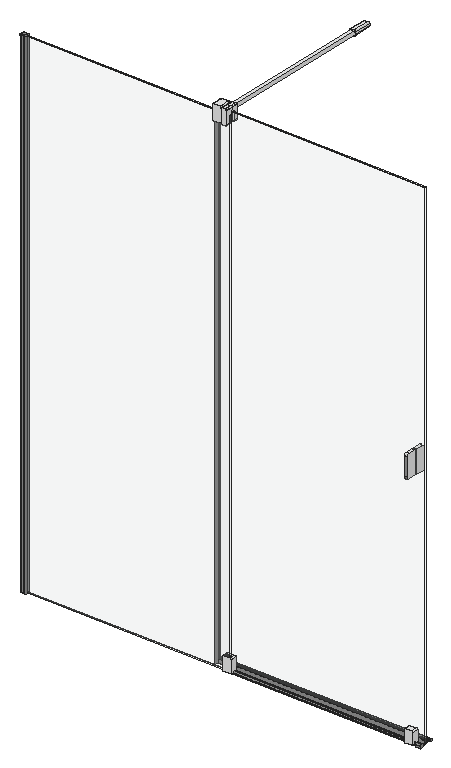
Revit family "Sanitary_Shower-screens_Duscholux_DuschoPulsar_Separator-slider-door-shower", category Plumbing Fixtures, Revit 2016
Family settings
  Part Type = Normal
  Round Connector Dimension = Use Diameter
  OmniClass Number = 23.45.00.00
  OmniClass Title = Sanitary, Laundry, and Cleaning Equipment
  Work Plane-Based = No
  Always vertical = Yes
  Cut with Voids When Loaded = No
  Shared = No
  Room Calculation Point = No
Parameters (values of type "Platinum Aluminium Finish")
  Width = 1600 mm
  Uniclass 2015 Description = "Shower Enclosures"
  Uniclass 2015 Code = "PR-40-20-06-79"
  URL = "http://www.duscholux.es/"
  UNSPSC Code = "30181507"
  Thickness Safety Glass Sliding = 8 mm  # constant formula
  Thickness Safety Glass Fixed Panel = 8 mm  # constant formula
  Technical Inspection Certificate (Applus) = "http://www.duscholux.es/resources/custom/var/APPLUS_en.pdf"
  Support Lenght = 700 mm
  Sliding Door Width = (Min Max Width / 2) + 35 mm  # 835 mm
  Series = "DuschoPulsar"
  Region South America = "Consult"
  Region Oceania = "Consult"
  Region North America = "Consult"
  Region Middle East = "Consult"
  Region Europe = "AD, ES, FR, PT"
  Region Asia = "Consult"
  Region Antartica = "Consult"
  Region Africa = "Consult"
  Ref. = "POI / POD"
  Products = "http://www.duscholux.es/mamparas_filtro.aspx?es"
  Product group = "Front for shower (Separator)"
  Product family = "Duscho Pulsar"
  Optional = "Glass Towel rail"
  Opening System Image = "http://blob.duscholux.es/pluma512/SDIzq1f1pcorredera.gif"
  Opening System = "Sliding"
  Opening Percentage = 0
  Opening Door = ((Min Max Width / 2) - 113.8 mm) * Opening Percentage / 100  # 0 mm
  Net Weight (Kg) = 0
  NBS Reference Description = "Shower Enclosures"
  NBS Reference Code = "45-35-70"
  Model = ""
  Min Max Width = if(Width < 1160 mm, 1160 mm, if(Width > 2000 mm, 2000 mm, Width))  # 1600 mm
  Max Height = if(Height > 2000 mm, 2000 mm, Height)  # 2000 mm
  Manufacturer name = "Duscholux Ibérica, S.A."
  Manufacturer country = "Spain"
  Maintenance and Cleaning = "http://www.duscholux.es/mamparas_limpieza.aspx?en"
  Image = "http://www.duscholux.es/resources/custom/img/mamparas/DUSCHO%20PULSAR/modelos/1F1PSDC/mampara_h.jpg"
  IFC Classification = "Furnishing Element"
  Height = 2000 mm
  Handle Material = White Handle Finish
  Handle Height = Max Height / 2  # 1000 mm
  Glass in Building UNE EN 12150 = "CE Conformity marking"
  Glass Material = Glass_Material-Duscholux
  Frame Material = Platinum Aluminium Finish
  Fact Sheet = "http://blob.duscholux.es/enpdf2018/Pulsar1F1PSD.pdf"
  Manufacturer = "Duscholux Ibérica, S.A."
  Environmental Management ISO 14001 = "ECOEMBES Certificate"
  Edition number = "1"
  Design country = "Spain / Germany"
  Description = "Front 1 fixed + 1 sliding door shower"
  Date of publishing = ""
  Assembly Code = "C1030200"
  Configuration enclosure = "http://configuratumampara.duscholux.es/eCatalogo.aspx"
  Components = "Eropean components"
  Type Comments = ""
  Combinations = "Lateral 90°"
  Certified Quality UNE EN 14428 = "http://www.duscholux.es/duscholux_downloads.aspx?es"
  COBIe Type Category = ""
  Brand = "Duscholux"
  Anti-Lime Treatment = "FeelNet 3D Included"
  Accesories Material = Chrome_Finish
Types (4, lengths in mm): name | Width | Support Lenght | Sliding Door Width | Min Max Width | Handle Material | Frame Material | Accesories Material
  (no name) | 1600 | 700 | 835 | 1600 | White Handle Finish | Platinum Aluminium Finish | Chrome_Finish
  Platinum Aluminium Finish | 1600 | 700 | 835 | 1600 | White Handle Finish | Platinum Aluminium Finish | Chrome_Finish
  Black Aluminium Finish | 1600 | 800 | 835 | 1600 | Black Handle Finish | Black Aluminium Finish | Chrome_Finish
  Gold Finish | 1400 | 700 | 735 | 1400 | Black Aluminium Finish | Gold | Gold
Reference planes
  plane 1 "Centro (Frontal/Posterior)": y = 0
  plane 2: z = 0
  plane 3 "Centro (Izquierda/Derecha)": x = 0
  plane 4: x = 1600
  plane 5: x = 800
  plane 6: z = 2000
  plane 7: z = 1000
  plane 8: y = 21.3
  plane 9: x = 1586.895
  plane 10: x = 835
  plane 11: x = 765
  plane 12: y = 25.3
  plane 13: y = 17.3
  plane 14: y = 4
  plane 15: y = -4
  plane 16: x = 1576.1
  plane 17: y = 1.421
  plane 18: z = 2003
Forms (mm)
  Extrusion 1, solid, material "Glass_Material-Duscholux" <- "Glass Material"
    sketch origin (512.5, -117.763, 0) x (1, 0, 0) y (0, 1, 0)
      loop
        line (-496.5, 121.763) -> (-496.5, 113.763) -> (322.5, 113.763) -> (322.5, 121.763) -> (-496.5, 121.763)
    from 2 to 2000
  Extrusion 2, solid, material "Plástico, transparente", detail levels fine
    sketch origin (0, -2.016, 0) x (0, 1, 0) y (0, 0, 1)
      loop
        line (18.037, 4) -> (28.544, 4) -> (28.544, 18.331) -> (49.065, 6.392) -> (49.065, 2.694)
        arc (49.065, 2.694) -> (49.804, 2.277) -> (50.544, 2.694) r 0.863
        line (50.544, 2.694) -> (50.544, 8.123) -> (27.817, 21.137)
        arc (27.817, 21.137) -> (27.258, 21.087) -> (27.044, 20.567) r 0.542
        line (27.044, 20.567) -> (27.294, 19.634) -> (27.294, 5.168) -> (19.294, 5.168) -> (19.294, 21.253) -> (18.037, 21.253) -> (18.037, 4)
    from 770 to 1600
  Extrusion 3, solid, material "Plástico, transparente", detail levels fine
    sketch origin (-2.798, -2.197, 0) x (1, 0, 0) y (0, 1, 0)
      loop
        line (772.798, 27.476) -> (772.798, 28.726) -> (766.498, 28.726) -> (766.498, 18.219) -> (771.798, 18.219) -> (771.798, 6.559) -> (772.798, 6.559) -> (772.798, 19.519) -> (767.798, 19.519) -> (767.798, 27.476) -> (772.798, 27.476)
    from 4 to 2000
  Extrusion 4, solid, not visible
    sketch origin (62.199, -0.034, 0) x (1, 0, 0) y (0, 1, 0)
      loop
        line (752.972, 27.547) -> (749, 27.019)
        arc (749, 27.019) -> (748.57, 26.458) -> (749.132, 26.028) r 0.5
        line (749.132, 26.028) -> (753.6, 26.622) -> (753.6, 23.522) -> (753.6, 20.422) -> (749.132, 21.016)
        arc (749.132, 21.016) -> (748.57, 20.586) -> (749, 20.025) r 0.5
        line (749, 20.025) -> (752.972, 19.497)
        arc (752.972, 19.497) -> (756.439, 17.322) -> (760.531, 17.291) r 7.498
        arc (760.531, 17.291) -> (761.591, 18.007) -> (762, 19.219) r 2
        line (762, 19.219) -> (762, 23.522) -> (762, 27.825)
        arc (762, 27.825) -> (761.591, 29.037) -> (760.531, 29.753) r 2
        arc (760.531, 29.753) -> (756.439, 29.722) -> (752.972, 27.547) r 7.498
    from 0 to 1876.165
  Extrusion 5, solid, material "Platinum Aluminium Finish" <- "Frame Material"
    sketch origin (0, 0, 0) x (1, 0, 0) y (0, 1, 0)
      loop
        line (13.5, 5.521) -> (0, 5.521) -> (0, -7.479) -> (13.5, -7.479) -> (13.5, -5.979) -> (1.5, -5.979) -> (1.5, 4.021) -> (13.5, 4.021) -> (13.5, 5.521)
      loop
        line (21, 7.2) -> (1, 7.2) -> (1, 5.7) -> (14.5, 5.7) -> (14.5, -7.7) -> (1, -7.7) -> (1, -9.2) -> (16.7, -9.2)
        arc (16.7, -9.2) -> (19.983, -7.677) -> (20.941, -4.188) r 4.3
        line (20.941, -4.188) -> (19.995, -4.188) -> (16, -5.7) -> (16, 5.7) -> (20.019, 4.195) -> (21, 4.195) -> (21, 7.2)
    from 0 to 2000
  Extrusion 6, solid, material "Glass_Material-Duscholux" <- "Glass Material"
    sketch origin (-678.551, 0, 0) x (1, 0, 0) y (0, 1, 0)
      loop
        line (1443.551, 25.278) -> (1443.551, 17.278) -> (2278.551, 17.278) -> (2278.551, 25.278) -> (1443.551, 25.278)
    from 5.168 to 2000
  Extrusion 7, solid, material "Plástico, transparente", not visible
    sketch origin (2.438, 0, 0) x (1, 0, 0) y (0, 1, 0)
      loop
        line (1578.185, 27.022) -> (1576.976, 27.022) -> (1576.976, 29.319) -> (1568.976, 29.319) -> (1568.976, 27.018) -> (1567.149, 27.018)
        arc (1567.149, 27.018) -> (1566.327, 26.594) -> (1566.205, 25.677) r 1
        line (1566.205, 25.677) -> (1576.803, 25.677) -> (1576.803, 16.925) -> (1566.201, 16.925)
        arc (1566.201, 16.925) -> (1566.322, 16.007) -> (1567.145, 15.582) r 1
        line (1567.145, 15.582) -> (1578.185, 15.578) -> (1578.185, 27.022)
    from 0 to 2000
  Extrusion 8, solid, material "Chrome_Finish" <- "Accesories Material"
    sketch origin (222.464, 0, -247.097) x (1, 0, 0) y (0, 0, 1)
      loop
        arc (554.036, 2272.097) -> (550.5, 2270.632) -> (549.036, 2267.097) r 5
        line (549.036, 2267.097) -> (549.036, 2217.097)
        arc (549.036, 2217.097) -> (550.5, 2213.561) -> (554.036, 2212.097) r 5
        line (554.036, 2212.097) -> (579.036, 2212.097)
        arc (579.036, 2212.097) -> (582.571, 2213.561) -> (584.036, 2217.097) r 5
        line (584.036, 2217.097) -> (584.036, 2267.097)
        arc (584.036, 2267.097) -> (582.571, 2270.632) -> (579.036, 2272.097) r 5
        line (579.036, 2272.097) -> (554.036, 2272.097)
    from 6.85 to 10.85
  Extrusion 9, solid, material "Chrome_Finish" <- "Accesories Material"
    sketch origin (222.464, 0, -247.097) x (1, 0, 0) y (0, 0, 1)
      loop
        arc (554.036, 2272.097) -> (550.5, 2270.632) -> (549.036, 2267.097) r 5
        line (549.036, 2267.097) -> (549.036, 2247.097) -> (584.036, 2247.097) -> (584.036, 2267.097)
        arc (584.036, 2267.097) -> (582.571, 2270.632) -> (579.036, 2272.097) r 5
        line (579.036, 2272.097) -> (554.036, 2272.097)
    from -28.15 to 6.85
  Extrusion 10, solid, material "Chrome_Finish" <- "Accesories Material"
    sketch origin (222.464, -457, -247.097) x (1, 0, 0) y (0, 0, -1)
      loop
        line (554.036, -2272.097) -> (579.036, -2272.097)
        arc (579.036, -2272.097) -> (582.571, -2270.632) -> (584.036, -2267.097) r 5
        line (584.036, -2267.097) -> (584.036, -2217.097)
        arc (584.036, -2217.097) -> (582.571, -2213.561) -> (579.036, -2212.097) r 5
        line (579.036, -2212.097) -> (554.036, -2212.097)
        arc (554.036, -2212.097) -> (550.5, -2213.561) -> (549.036, -2217.097) r 5
        line (549.036, -2217.097) -> (549.036, -2267.097)
        arc (549.036, -2267.097) -> (550.5, -2270.632) -> (554.036, -2272.097) r 5
    from 485.15 to 489.15
  Extrusion 11, solid, material "Plástico, transparente", not visible
    sketch origin (1.118, 0, 0) x (1, 0, 0) y (0, 1, 0)
      loop
        line (1573.627, 27.022) -> (1572.417, 27.022) -> (1572.417, 29.319) -> (1564.418, 29.319) -> (1564.418, 27.018) -> (1562.591, 27.018)
        arc (1562.591, 27.018) -> (1561.769, 26.594) -> (1561.646, 25.677) r 1
        line (1561.646, 25.677) -> (1572.245, 25.677) -> (1572.245, 16.925) -> (1561.643, 16.925)
        arc (1561.643, 16.925) -> (1561.764, 16.007) -> (1562.587, 15.582) r 1
        line (1562.587, 15.582) -> (1573.627, 15.578) -> (1573.627, 27.022)
    from 0 to 1900
  Extrusion 12, solid, material "Chrome_Finish" <- "Accesories Material"
    sketch origin (0, 0, 0) x (1, 0, 0) y (0, 0, 1)
      loop
        line (771.5, 2000) -> (771.5, 1970)
        arc (771.5, 1970) -> (772.964, 1966.464) -> (776.5, 1965) r 5
        line (776.5, 1965) -> (801.5, 1965)
        arc (801.5, 1965) -> (805.036, 1966.464) -> (806.5, 1970) r 5
        line (806.5, 1970) -> (806.5, 2000) -> (771.5, 2000)
    from -17.322 to -4
  Extrusion 13, solid, material "Chrome_Finish" <- "Accesories Material"
    sketch origin (0, 0, 0) x (1, 0, 0) y (0, 0, 1)
      loop
        line (809.2, 0) -> (843.5, 0) -> (843.5, 51)
        arc (843.5, 51) -> (842.036, 54.536) -> (838.5, 56) r 5
        line (838.5, 56) -> (814.2, 56)
        arc (814.2, 56) -> (810.664, 54.536) -> (809.2, 51) r 5
        line (809.2, 51) -> (809.2, 0)
    from -16.022 to 6.579
  Extrusion 14, void
    sketch origin (0, 0, 0) x (1, 0, 0) y (0, 0, 1)
      loop
        line (809.2, 2) -> (835, 2) -> (835, 56) -> (814.2, 56)
        arc (814.2, 56) -> (810.664, 54.536) -> (809.2, 51) r 5
        line (809.2, 51) -> (809.2, 2)
    from -5.621 to 3.379
  Extrusion 15, solid, material "Chrome_Finish" <- "Accesories Material"
    sketch origin (0, 0, 0) x (0, 1, 0) y (0, 0, 1)
      loop
        line (14.936, 0) -> (33.25, 0) -> (33.25, 13.123) -> (28.25, 15.562) -> (28.25, 4) -> (14.936, 4) -> (14.936, 0)
    from 809.2 to 843.5
  Extrusion 16, solid, not visible
    sketch origin (0, 0, 0) x (1, 0, 0) y (0, 0, 1)
      loop
        arc (1333.174, 5) -> (1334.638, 1.464) -> (1338.174, 0) r 5
        line (1338.174, 0) -> (1363.174, 0)
        arc (1363.174, 0) -> (1366.709, 1.464) -> (1368.174, 5) r 5
        line (1368.174, 5) -> (1368.174, 45)
        arc (1368.174, 45) -> (1366.709, 48.536) -> (1363.174, 50) r 5
        line (1363.174, 50) -> (1338.174, 50)
        arc (1338.174, 50) -> (1334.638, 48.536) -> (1333.174, 45) r 5
        line (1333.174, 45) -> (1333.174, 5)
    from -16.022 to 7.7
  Extrusion 17, void, not visible
    sketch origin (0, 0, 0) x (1, 0, 0) y (0, 0, 1)
      loop
        line (1368.174, 8) -> (1333.174, 8) -> (1333.174, 5)
        arc (1333.174, 5) -> (1334.638, 1.464) -> (1338.174, 0) r 5
        line (1338.174, 0) -> (1363.174, 0)
        arc (1363.174, 0) -> (1366.709, 1.464) -> (1368.174, 5) r 5
        line (1368.174, 5) -> (1368.174, 8)
    from -4.3 to 6.7
  Extrusion 18, solid, not visible
    sketch origin (0, 0, 0) x (1, 0, 0) y (0, 0, 1)
      loop
        line (1333.174, 16.4) -> (1333.174, 5)
        arc (1333.174, 5) -> (1334.638, 1.464) -> (1338.174, 0) r 5
        line (1338.174, 0) -> (1363.174, 0)
        arc (1363.174, 0) -> (1366.709, 1.464) -> (1368.174, 5) r 5
        line (1368.174, 5) -> (1368.174, 16.4) -> (1333.174, 16.4)
    from -27.597 to -16.022
  Extrusion 19, void, not visible
    sketch origin (0, 0, 0) x (1, 0, 0) y (0, 0, 1)
      loop
        line (1333.174, 16.4) -> (1333.174, 5)
        arc (1333.174, 5) -> (1333.199, 4.497) -> (1333.275, 4) r 5
        line (1333.275, 4) -> (1368.073, 4)
        arc (1368.073, 4) -> (1368.148, 4.497) -> (1368.174, 5) r 5
        line (1368.174, 5) -> (1368.174, 16.4) -> (1333.174, 16.4)
    from -26.528 to -16.022
  Extrusion 20, solid, material "Plástico, transparente", not visible
    sketch origin (-17.832, 0, 0) x (1, 0, 0) y (0, 1, 0)
      loop
        line (1606.11, 27.022) -> (1604.9, 27.022) -> (1604.9, 29.319) -> (1596.901, 29.319) -> (1596.901, 27.018) -> (1595.074, 27.018)
        arc (1595.074, 27.018) -> (1594.252, 26.594) -> (1594.129, 25.677) r 1
        line (1594.129, 25.677) -> (1604.727, 25.677) -> (1604.727, 16.925) -> (1594.125, 16.925)
        arc (1594.125, 16.925) -> (1594.247, 16.007) -> (1595.069, 15.582) r 1
        line (1595.069, 15.582) -> (1606.11, 15.582) -> (1606.11, 27.022)
    from 0 to 1900
  Extrusion 21, solid, not visible
    sketch origin (0, 0, 0) x (1, 0, 0) y (0, 0, 1)
      loop
        line (1363.174, 50) -> (1338.174, 50)
        arc (1338.174, 50) -> (1334.638, 48.536) -> (1333.174, 45) r 5
        line (1333.174, 45) -> (1333.174, 4)
        arc (1333.174, 4) -> (1334.345, 1.172) -> (1337.174, 0) r 4
        line (1337.174, 0) -> (1364.174, 0)
        arc (1364.174, 0) -> (1367.002, 1.172) -> (1368.174, 4) r 4
        line (1368.174, 4) -> (1368.174, 45)
        arc (1368.174, 45) -> (1366.709, 48.536) -> (1363.174, 50) r 5
    from 6.579 to -16.022
  Extrusion 22, solid, not visible
    sketch origin (0, 0, 0) x (1, 0, 0) y (0, 0, 1)
      loop
        line (1368.174, 4) -> (1333.174, 4)
        arc (1333.174, 4) -> (1334.345, 1.172) -> (1337.174, 0) r 4
        line (1337.174, 0) -> (1364.174, 0)
        arc (1364.174, 0) -> (1367.002, 1.172) -> (1368.174, 4) r 4
    from -27.521 to -16.022
  Extrusion 23, solid, not visible
    sketch origin (0, 0, 0) x (1, 0, 0) y (0, 1, 0)
      loop
        line (1333.174, 27.521) -> (1333.174, 26.521) -> (1368.174, 26.521) -> (1368.174, 27.521) -> (1333.174, 27.521)
    from 4 to 16.689
  Extrusion 24, solid, material "Platinum Aluminium Finish" <- "Frame Material"
    sketch origin (0, 74.121, 0) x (0, 1, 0) y (0, 0, 1)
      loop
        line (-69.2, 0) -> (-69.2, 11.5) -> (-79.2, 11.5)
        arc (-79.2, 11.5) -> (-80.261, 11.061) -> (-80.7, 10) r 1.5
        line (-80.7, 10) -> (-80.7, 0) -> (-69.2, 0)
    from 1582.5 to 1600
  Extrusion 25, solid, material "Platinum Aluminium Finish" <- "Frame Material"
    sketch origin (0, 25.773, 0) x (0, 1, 0) y (0, 0, 1)
      loop
        line (-27.652, 0) -> (-21.052, 0) -> (-21.052, 4)
        arc (-21.052, 4) -> (-24.352, 7.3) -> (-27.652, 4) r 3.3
        line (-27.652, 4) -> (-27.652, 0)
    from 843.5 to 1582.5
  Extrusion 26, solid, material "Platinum Aluminium Finish" <- "Frame Material"
    sketch origin (0, 0, 0) x (1, 0, 0) y (0, 1, 0)
      loop
        line (21, 7.2) -> (0, 7.2) -> (0, -9.2) -> (16.7, -9.2)
        arc (16.7, -9.2) -> (19.741, -7.941) -> (21, -4.9) r 4.3
        line (21, -4.9) -> (21, 7.2)
    from 2000 to 2003
Cuts and joins
  joined: Extrusion 8, Extrusion 9, Extrusion 10, Extrusion 12
  Extrusion 14 cuts Extrusion 1
  Extrusion 14 cuts Extrusion 13
  joined: Extrusion 13, Extrusion 15
Dimensions and locks
  equal spacing: plane 3 "Centro (Izquierda/Derecha)", plane 5, plane 4
  "Handle Height": plane 7 to level
  locked: Extrusion 3 to Extrusion 3 at 1.3
  locked: Extrusion 3 to Extrusion 3 at 1
  locked: Extrusion 3 to Extrusion 3 at 6.3
  "Min Max Width": plane 3 "Centro (Izquierda/Derecha)" to plane 4  (x2)
  "Max Height": plane 6 to level
  locked: plane 9 to plane 4 at 13.105
  locked: Extrusion 24 to plane 4 at 17.5
  locked: plane 10 to cut or joined group of Extrusion 13, Extrusion 14, Extrusion 15 at 8.5
  locked: cut or joined group of Extrusion 13, Extrusion 14, Extrusion 15 to plane 10 at 25.8
  locked: plane 5 to plane 10 at 35
  locked: plane 11 to plane 5 at 35
  locked: plane 5 to nested 4 at 19.451
  locked: plane 18 to plane 6 at 3
  "Thickness Safety Glass Fixed Panel": cut or joined group of Extrusion 1, Extrusion 14 to cut or joined group of Extrusion 1, Extrusion 14
  "Thickness Safety Glass Sliding": Extrusion 6 to Extrusion 6
  "Sliding Door Width": Extrusion 6 to Extrusion 6
  locked: nested 2 to Extrusion 6 at 46.395
  "Opening Door": Extrusion 6 to plane 4
  aligned and locked: level to plane 2
  aligned and locked: plane 6 to Extrusion 1
  aligned and locked: Extrusion 3 to Extrusion 3
  aligned and locked: Extrusion 3 to Extrusion 6 sketch curve
  aligned and locked: Extrusion 6 sketch curve to Extrusion 2
  aligned and locked: Extrusion 6 to Extrusion 2
  aligned and locked: Extrusion 1 to Extrusion 5
  aligned and locked: plane 6 to Extrusion 5
  aligned and locked: plane 6 to Extrusion 6
  aligned and locked: Extrusion 6 to Extrusion 3
  aligned and locked: Extrusion 3 to Extrusion 6
  aligned and locked: Extrusion 2 to Extrusion 3
  aligned and locked: cut or joined group of Extrusion 8, Extrusion 9, Extrusion 10, Extrusion 12 to plane 6
  aligned and locked: nested 1 to plane 7
  aligned and locked: nested 1 to nested 2
  aligned and locked: Extrusion 3 to Extrusion 12
  aligned and locked: Extrusion 12 to Extrusion 1
  aligned and locked: Extrusion 2 to cut or joined group of Extrusion 13, Extrusion 14, Extrusion 15
  aligned and locked: Extrusion 3 to Extrusion 2
  aligned and locked: Extrusion 13 to Extrusion 2
  aligned and locked: nested 3 to nested 2
  aligned and locked: plane 7 to nested 2
  aligned and locked: plane 1 "Centro (Frontal/Posterior)" to nested 4
  aligned and locked: nested 4 to plane 6
  aligned and locked: plane 4 to Extrusion 24
  aligned and locked: Extrusion 25 to cut or joined group of Extrusion 13, Extrusion 14, Extrusion 15
  aligned and locked: Extrusion 25 to Extrusion 24
  aligned and locked: cut or joined group of Extrusion 13, Extrusion 14, Extrusion 15 to cut or joined group of Extrusion 13, Extrusion 14, Extrusion 15  (x2)
  aligned and locked: Extrusion 26 to Extrusion 5
  aligned and locked: plane 18 to Extrusion 26
  aligned and locked: Extrusion 2 to Extrusion 6
Automatic sketch dimensions
  Extrusion 4 sketch curve to Extrusion 4 sketch curve = 0 mm  (x2)
  Extrusion 4 sketch curve to Extrusion 4 sketch curve = 0.066 mm  (x4)
  Extrusion 4 sketch curve to Extrusion 4 sketch curve = 3.972 mm  (x2)
  Extrusion 4 sketch curve to Extrusion 4 sketch curve = 0.628 mm
  Extrusion 4 sketch curve to Extrusion 4 sketch curve = 4.94 mm
  Extrusion 4 sketch curve to Extrusion 4 sketch curve = 1.46 mm  (x2)
  Extrusion 4 sketch curve to Extrusion 4 sketch curve = 3.46 mm
  Extrusion 4 sketch curve to Extrusion 4 sketch curve = 0.496 mm  (x2)
  Extrusion 4 sketch curve to Extrusion 4 sketch curve = 0.925 mm  (x2)
  Extrusion 4 sketch curve to Extrusion 4 sketch curve = 3.305 mm  (x2)
  Extrusion 4 sketch curve to Extrusion 4 sketch curve = 3.1 mm  (x2)
  Extrusion 4 sketch curve to Extrusion 4 sketch curve = 3.027 mm
  Extrusion 4 sketch curve to Extrusion 4 sketch curve = 0.528 mm
  Extrusion 4 sketch curve to Extrusion 4 sketch curve = 0.997 mm
  Extrusion 4 sketch curve to Extrusion 4 sketch curve = 1.995 mm
  Extrusion 4 sketch curve to Extrusion 4 sketch curve = 1.519 mm
  Extrusion 7 sketch curve to Extrusion 7 sketch curve = 0.939 mm
  Extrusion 7 sketch curve to Extrusion 7 sketch curve = 0.94 mm
  Extrusion 7 sketch curve to Extrusion 7 sketch curve = 0.005 mm  (x3)
  Extrusion 7 sketch curve to Extrusion 7 sketch curve = 1.831 mm
  Extrusion 7 sketch curve to Extrusion 7 sketch curve = 7.827 mm
  Extrusion 7 sketch curve to Extrusion 7 sketch curve = 0.173 mm
  Extrusion 7 sketch curve to Extrusion 7 sketch curve = 1.382 mm
  Extrusion 7 sketch curve to Extrusion 7 sketch curve = 1 mm
  Extrusion 7 sketch curve to Extrusion 7 sketch curve = 0.341 mm
  Extrusion 7 sketch curve to Extrusion 7 sketch curve = 1.345 mm
  Extrusion 7 sketch curve to Extrusion 7 sketch curve = 3.301 mm
  Extrusion 7 sketch curve to Extrusion 7 sketch curve = 0.004 mm
  Extrusion 7 sketch curve to Extrusion 7 sketch curve = 8.752 mm
  Extrusion 11 sketch curve to Extrusion 11 sketch curve = 0.939 mm
  Extrusion 11 sketch curve to Extrusion 11 sketch curve = 0.94 mm
  Extrusion 11 sketch curve to Extrusion 11 sketch curve = 0.005 mm  (x3)
  Extrusion 11 sketch curve to Extrusion 11 sketch curve = 1.827 mm
  Extrusion 11 sketch curve to Extrusion 11 sketch curve = 7.827 mm
  Extrusion 11 sketch curve to Extrusion 11 sketch curve = 0.173 mm
  Extrusion 11 sketch curve to Extrusion 11 sketch curve = 1.382 mm
  Extrusion 11 sketch curve to Extrusion 11 sketch curve = 1 mm
  Extrusion 11 sketch curve to Extrusion 11 sketch curve = 0.341 mm
  Extrusion 11 sketch curve to Extrusion 11 sketch curve = 1.345 mm
  Extrusion 11 sketch curve to Extrusion 11 sketch curve = 2.297 mm
  Extrusion 11 sketch curve to Extrusion 11 sketch curve = 0.004 mm
  Extrusion 11 sketch curve to Extrusion 11 sketch curve = 8.752 mm
  Extrusion 16 sketch curve to Extrusion 16 sketch curve = 5 mm  (x3)
  Extrusion 16 sketch curve to Extrusion 16 sketch curve = 25 mm  (x2)
  Extrusion 16 sketch curve to Extrusion 16 sketch curve = 40 mm
  Extrusion 17 sketch curve to Extrusion 17 sketch curve = 5 mm  (x2)
  Extrusion 17 sketch curve to Extrusion 17 sketch curve = 25 mm
  Extrusion 18 sketch curve to Extrusion 18 sketch curve = 5 mm  (x2)
  Extrusion 18 sketch curve to Extrusion 18 sketch curve = 25 mm
  Extrusion 19 sketch curve to Extrusion 19 sketch curve = 0.101 mm  (x2)
  Extrusion 19 sketch curve to Extrusion 19 sketch curve = 5 mm  (x2)
  Extrusion 19 sketch curve to Extrusion 19 sketch curve = 25 mm
  Extrusion 17 sketch curve to Extrusion 17 sketch curve = 3 mm
  Extrusion 18 sketch curve to Extrusion 18 sketch curve = 11.4 mm
  Extrusion 19 sketch curve to Extrusion 19 sketch curve = 11.4 mm
  Extrusion 20 sketch curve to Extrusion 20 sketch curve = 1.827 mm
  Extrusion 20 sketch curve to Extrusion 20 sketch curve = 0.005 mm  (x2)
  Extrusion 20 sketch curve to Extrusion 20 sketch curve = 0.94 mm
  Extrusion 20 sketch curve to Extrusion 20 sketch curve = 0.939 mm
  Extrusion 20 sketch curve to Extrusion 20 sketch curve = 1.345 mm
  Extrusion 20 sketch curve to Extrusion 20 sketch curve = 2.297 mm
  Extrusion 20 sketch curve to Extrusion 20 sketch curve = 0.004 mm
  Extrusion 20 sketch curve to Extrusion 20 sketch curve = 7.827 mm
  Extrusion 20 sketch curve to Extrusion 20 sketch curve = 0.173 mm
  Extrusion 20 sketch curve to Extrusion 20 sketch curve = 1.382 mm
  Extrusion 20 sketch curve to Extrusion 20 sketch curve = 1 mm
  Extrusion 20 sketch curve to Extrusion 20 sketch curve = 8.752 mm
  Extrusion 20 sketch curve to Extrusion 20 sketch curve = 0.341 mm
  Extrusion 1 sketch curve to plane 15 = 0 mm
  Extrusion 1 sketch curve to plane 14 = 0 mm
  Extrusion 1 sketch curve to plane 10 = 0 mm
  plane 3 "Centro (Izquierda/Derecha)" to Extrusion 1 sketch curve = 16 mm
  Extrusion 2 sketch curve to plane 13 = 1.278 mm
  Extrusion 2 sketch curve to plane 13 = 0.022 mm
  Extrusion 2 sketch curve to plane 12 = 0.272 mm
  Extrusion 2 sketch curve to plane 12 = 0.022 mm
  plane 12 to Extrusion 2 sketch curve = 0.264 mm
  plane 12 to Extrusion 2 sketch curve = 0.501 mm
  plane 12 to Extrusion 2 sketch curve = 1.228 mm
  level to Extrusion 2 sketch curve = 6.392 mm
  Extrusion 2 sketch curve to Extrusion 2 sketch curve = 20.522 mm
  Extrusion 2 sketch curve to Extrusion 2 sketch curve = 0.739 mm
  Extrusion 2 sketch curve to Extrusion 2 sketch curve = 1.478 mm
  level to Extrusion 2 sketch curve = 5.168 mm
  Extrusion 2 sketch curve to Extrusion 2 sketch curve = 1.168 mm
  level to Extrusion 2 sketch curve = 3.14 mm
  Extrusion 2 sketch curve to Extrusion 2 sketch curve = 0.446 mm
  Extrusion 2 sketch curve to Extrusion 2 sketch curve = 1.731 mm
  Extrusion 2 sketch curve to Extrusion 2 sketch curve = 13.163 mm
  Extrusion 2 sketch curve to Extrusion 2 sketch curve = 1.303 mm
  Extrusion 2 sketch curve to Extrusion 2 sketch curve = 0.933 mm
  Extrusion 2 sketch curve to Extrusion 2 sketch curve = 0.083 mm
  Extrusion 2 sketch curve to Extrusion 2 sketch curve = 0.686 mm
  Extrusion 3 sketch curve to plane 11 = 1.3 mm
  Extrusion 3 sketch curve to plane 11 = 0 mm
  plane 14 to Extrusion 3 sketch curve = 0.362 mm
  plane 11 to Extrusion 3 sketch curve = 4 mm
  Extrusion 3 sketch curve to plane 12 = 0.022 mm
  plane 11 to Extrusion 3 sketch curve = 5 mm
  Extrusion 3 sketch curve to Extrusion 3 sketch curve = 1 mm
  Extrusion 3 sketch curve to plane 13 = 1.278 mm
  plane 13 to Extrusion 3 sketch curve = 0.022 mm
  plane 12 to Extrusion 3 sketch curve = 1.228 mm
  Extrusion 5 sketch curve to plane 3 "Centro (Izquierda/Derecha)" = 0 mm
  plane 3 "Centro (Izquierda/Derecha)" to Extrusion 5 sketch curve = 1 mm  (x2)
  plane 14 to Extrusion 5 sketch curve = 0.021 mm
  plane 3 "Centro (Izquierda/Derecha)" to Extrusion 5 sketch curve = 1.5 mm
  Extrusion 5 sketch curve to plane 15 = 1.979 mm
  Extrusion 5 sketch curve to Extrusion 5 sketch curve = 12 mm
  plane 14 to Extrusion 5 sketch curve = 1.521 mm
  Extrusion 5 sketch curve to Extrusion 5 sketch curve = 0 mm
  Extrusion 5 sketch curve to Extrusion 5 sketch curve = 1 mm
  plane 14 to Extrusion 5 sketch curve = 1.7 mm
  Extrusion 5 sketch curve to Extrusion 5 sketch curve = 1.5 mm  (x4)
  Extrusion 5 sketch curve to Extrusion 5 sketch curve = 2.2 mm
  Extrusion 5 sketch curve to plane 15 = 0.188 mm
  Extrusion 5 sketch curve to Extrusion 5 sketch curve = 3.295 mm
  plane 14 to Extrusion 5 sketch curve = 0.195 mm
  Extrusion 5 sketch curve to Extrusion 5 sketch curve = 4.019 mm
  Extrusion 5 sketch curve to Extrusion 5 sketch curve = 0.946 mm
  Extrusion 5 sketch curve to Extrusion 5 sketch curve = 0.981 mm
  Extrusion 5 sketch curve to Extrusion 5 sketch curve = 0.221 mm
  Extrusion 5 sketch curve to Extrusion 5 sketch curve = 0.8 mm
  Extrusion 5 sketch curve to Extrusion 5 sketch curve = 0.179 mm
  plane 9 to Extrusion 6 sketch curve = 13.105 mm
  Extrusion 6 sketch curve to plane 11 = 0 mm
  plane 11 to Extrusion 8 sketch curve = 6.5 mm
  Extrusion 8 sketch curve to Extrusion 8 sketch curve = 5 mm  (x3)
  plane 5 to Extrusion 8 sketch curve = 1.5 mm  (x2)
  Extrusion 8 sketch curve to plane 6 = 35 mm
  plane 6 to Extrusion 8 sketch curve = 20 mm
  Extrusion 9 sketch curve to plane 6 = 0 mm
  plane 11 to Extrusion 9 sketch curve = 6.5 mm
  Extrusion 9 sketch curve to Extrusion 9 sketch curve = 5 mm
  plane 5 to Extrusion 9 sketch curve = 1.5 mm
  plane 5 to Extrusion 9 sketch curve = 6.5 mm
  plane 6 to Extrusion 9 sketch curve = 20 mm
  plane 11 to Extrusion 10 sketch curve = 6.5 mm
  Extrusion 10 sketch curve to Extrusion 10 sketch curve = 5 mm  (x3)
  plane 5 to Extrusion 10 sketch curve = 1.5 mm  (x2)
  plane 6 to Extrusion 10 sketch curve = 25 mm
  Extrusion 10 sketch curve to plane 6 = 30 mm
  Extrusion 12 sketch curve to plane 6 = 0 mm
  plane 11 to Extrusion 12 sketch curve = 6.5 mm
  Extrusion 12 sketch curve to Extrusion 12 sketch curve = 5 mm
  plane 5 to Extrusion 12 sketch curve = 1.5 mm
  plane 5 to Extrusion 12 sketch curve = 6.5 mm
  Extrusion 12 sketch curve to plane 6 = 30 mm
  Extrusion 13 sketch curve to level = 0 mm
  plane 5 to Extrusion 13 sketch curve = 9.2 mm
  Extrusion 13 sketch curve to Extrusion 13 sketch curve = 5 mm
  plane 10 to Extrusion 13 sketch curve = 3.5 mm
  plane 10 to Extrusion 13 sketch curve = 8.5 mm
  level to Extrusion 13 sketch curve = 51 mm
  Extrusion 14 sketch curve to plane 10 = 0 mm
  plane 5 to Extrusion 14 sketch curve = 14.2 mm
  level to Extrusion 14 sketch curve = 2 mm
  plane 5 to Extrusion 14 sketch curve = 9.2 mm
  Extrusion 14 sketch curve to Extrusion 14 sketch curve = 49 mm
  Extrusion 15 sketch curve to level = 0 mm
  Extrusion 15 sketch curve to plane 13 = 2.364 mm
  plane 12 to Extrusion 15 sketch curve = 2.95 mm
  Extrusion 15 sketch curve to Extrusion 15 sketch curve = 5 mm
  level to Extrusion 15 sketch curve = 4 mm
  Extrusion 15 sketch curve to Extrusion 15 sketch curve = 9.123 mm
  Extrusion 15 sketch curve to Extrusion 15 sketch curve = 2.439 mm
  Extrusion 21 sketch curve to Extrusion 21 sketch curve = 4 mm
  Extrusion 21 sketch curve to Extrusion 21 sketch curve = 5 mm  (x2)
  Extrusion 21 sketch curve to Extrusion 21 sketch curve = 25 mm
  Extrusion 21 sketch curve to Extrusion 21 sketch curve = 27 mm
  Extrusion 22 sketch curve to Extrusion 22 sketch curve = 27 mm
  Extrusion 23 sketch curve to Extrusion 23 sketch curve = 1 mm
  Extrusion 23 sketch curve to Extrusion 23 sketch curve = 35 mm
  Extrusion 21 sketch curve to Extrusion 21 sketch curve = 41 mm
  Extrusion 22 sketch curve to Extrusion 22 sketch curve = 4 mm
  Extrusion 24 sketch curve to level = 0 mm
  Extrusion 24 sketch curve to plane 15 = 2.579 mm
  Extrusion 24 sketch curve to Extrusion 24 sketch curve = 10 mm
  level to Extrusion 24 sketch curve = 10 mm
  Extrusion 24 sketch curve to Extrusion 24 sketch curve = 1.5 mm
  Extrusion 25 sketch curve to level = 0 mm
  plane 15 to Extrusion 25 sketch curve = 2.121 mm
  level to Extrusion 25 sketch curve = 4 mm
  Extrusion 25 sketch curve to Extrusion 25 sketch curve = 3.3 mm
  Extrusion 26 sketch curve to plane 3 "Centro (Izquierda/Derecha)" = 0 mm
  Extrusion 26 sketch curve to plane 15 = 5.2 mm
  plane 3 "Centro (Izquierda/Derecha)" to Extrusion 26 sketch curve = 16.7 mm
  Extrusion 26 sketch curve to plane 15 = 0.9 mm
  plane 14 to Extrusion 26 sketch curve = 3.2 mm
Nested families
  nested 1: "Handle-Pulsar" at (1553.605, 17.278, 1000) x (0, 0, -1) z (0, -1, 0), type "Handle-Pulsar"
  nested 2: "Handle-Pulsar" at (1553.605, 25.278, 1000) x (0, 0, -1) z (0, 1, 0), type "Handle-Pulsar"
  nested 3: "Guide-Piece" at (1553.605, 0.021, 0), type "Guide-Piece"
  nested 4: "Wall-Support" at (819.451, 0, 2000), type "Wall-Support"
Definition of nested family "Handle-Pulsar"
  Parameters (values of type "Handle-Pulsar")
    Handle Material = none
    Default Elevation = 1219.2 mm
    Accesories Material = none
  Reference planes
    plane 1 "Centro (Frontal/Posterior)": y = 0
    plane 2: z = 0
    plane 3 "Centro (Izquierda/Derecha)": x = 0
    plane 4: x = 45
    plane 5: x = -45
    plane 6: y = 6.5
    plane 7: y = -6.5
  Forms (mm)
    Extrusion 1, solid
      sketch origin (0, 0, 0) x (1, 0, 0) y (0, 1, 0)
        loop
          line (-1219.2, 1219.2) -> (-1219.2, -1219.2) -> (1219.2, -1219.2) -> (1219.2, 1219.2) -> (-1219.2, 1219.2)
      from 0 to -304.8
    Extrusion 2, solid, material <- "Accesories Material"
      sketch origin (0, 0, 0) x (1, 0, 0) y (0, 0, 1)
        loop
          line (-45, 0) -> (45, 0) -> (45, 30)
          arc (45, 30) -> (43.536, 33.536) -> (40, 35) r 5
          line (40, 35) -> (-40, 35)
          arc (-40, 35) -> (-43.536, 33.536) -> (-45, 30) r 5
          line (-45, 30) -> (-45, 0)
      from -6.5 to 6.5
    Extrusion 3, void
      sketch origin (0, 0, 0) x (1, 0, 0) y (0, 0, 1)
        loop
          line (-40, 35) -> (-40, 10) -> (45, 10) -> (45, 30)
          arc (45, 30) -> (43.536, 33.536) -> (40, 35) r 5
          line (40, 35) -> (-40, 35)
      from -3.5 to 6.5
    Extrusion 4, solid, material <- "Handle Material"
      sketch origin (0, 0, 0) x (1, 0, 0) y (0, 0, 1)
        loop
          line (-40, 35) -> (-40, 10) -> (45, 10) -> (45, 30)
          arc (45, 30) -> (43.536, 33.536) -> (40, 35) r 5
          line (40, 35) -> (-40, 35)
      from -3.5 to 6.5
  Cuts and joins
    Extrusion 3 cuts Extrusion 2
  Dimensions and locks
    equal spacing: plane 7, plane 1 "Centro (Frontal/Posterior)", plane 6
    aligned and locked: plane 2 to Extrusion 1
    aligned and locked: level to Extrusion 1
    aligned and locked: plane 6 to Extrusion 2
    aligned and locked: Extrusion 2 to plane 7
    aligned and locked: Extrusion 3 to Extrusion 2
    aligned and locked: Extrusion 4 to cut or joined group of Extrusion 2, Extrusion 3  (x2)
  Automatic sketch dimensions
    Extrusion 1 sketch curve to Extrusion 1 sketch curve = 2438.4 mm  (x2)
    Extrusion 2 sketch curve to level = 0 mm
    Extrusion 2 sketch curve to plane 5 = 0 mm
    Extrusion 2 sketch curve to plane 4 = 0 mm
    plane 5 to Extrusion 2 sketch curve = 5 mm
    Extrusion 2 sketch curve to plane 4 = 5 mm
    Extrusion 2 sketch curve to Extrusion 2 sketch curve = 30 mm
    Extrusion 3 sketch curve to plane 4 = 0 mm
    Extrusion 3 sketch curve to Extrusion 3 sketch curve = 5 mm
    plane 5 to Extrusion 3 sketch curve = 5 mm
    level to Extrusion 3 sketch curve = 10 mm
    Extrusion 3 sketch curve to Extrusion 3 sketch curve = 20 mm
    Extrusion 4 sketch curve to plane 4 = 0 mm
    Extrusion 4 sketch curve to Extrusion 4 sketch curve = 5 mm
    plane 5 to Extrusion 4 sketch curve = 5 mm
    level to Extrusion 4 sketch curve = 10 mm
    Extrusion 4 sketch curve to Extrusion 4 sketch curve = 20 mm
Definition of nested family "Guide-Piece"
  Parameters (values of type "Guide-Piece")
    Accesories Material = none
  Reference planes
    plane 1 "Centro (Frontal/Posterior)": y = 0
    plane 2: z = 0
    plane 3 "Centro (Izquierda/Derecha)": x = 0
  Forms (mm)
    Extrusion 1, solid, material <- "Accesories Material"
      sketch origin (-1350.674, -0.021, 0) x (1, 0, 0) y (0, 0, 1)
        loop
          line (1363.174, 50) -> (1338.174, 50)
          arc (1338.174, 50) -> (1334.638, 48.536) -> (1333.174, 45) r 5
          line (1333.174, 45) -> (1333.174, 4)
          arc (1333.174, 4) -> (1334.345, 1.172) -> (1337.174, 0) r 4
          line (1337.174, 0) -> (1364.174, 0)
          arc (1364.174, 0) -> (1367.002, 1.172) -> (1368.174, 4) r 4
          line (1368.174, 4) -> (1368.174, 45)
          arc (1368.174, 45) -> (1366.709, 48.536) -> (1363.174, 50) r 5
      from 6.579 to -16.022
    Extrusion 2, solid, material <- "Accesories Material"
      sketch origin (-1350.674, -0.021, 0) x (1, 0, 0) y (0, 0, 1)
        loop
          line (1368.174, 4) -> (1333.174, 4)
          arc (1333.174, 4) -> (1334.345, 1.172) -> (1337.174, 0) r 4
          line (1337.174, 0) -> (1364.174, 0)
          arc (1364.174, 0) -> (1367.002, 1.172) -> (1368.174, 4) r 4
      from -27.521 to -16.022
    Extrusion 3, solid, material <- "Accesories Material"
      sketch origin (-1350.674, -0.021, 0) x (1, 0, 0) y (0, 1, 0)
        loop
          line (1333.174, 27.521) -> (1333.174, 26.521) -> (1368.174, 26.521) -> (1368.174, 27.521) -> (1333.174, 27.521)
      from 4 to 16.689
    Extrusion 4, void
      sketch origin (0, 0, 0) x (1, 0, 0) y (0, 0, 1)
        loop
          line (-17.5, 12) -> (-17.5, 4)
          arc (-17.5, 4) -> (-16.328, 1.172) -> (-13.5, 0) r 4
          line (-13.5, 0) -> (13.5, 0)
          arc (13.5, 0) -> (16.328, 1.172) -> (17.5, 4) r 4
          line (17.5, 4) -> (17.5, 12) -> (-17.5, 12)
      from -7.4 to 4.6
  Cuts and joins
    Extrusion 4 cuts Extrusion 1
    Extrusion 4 cuts Extrusion 2
    Extrusion 4 cuts Extrusion 3
    joined: Extrusion 1, Extrusion 2, Extrusion 3
  Dimensions and locks
    Extrusion 4 to level = 12 mm
    aligned and locked: level to plane 2
Definition of nested family "Wall-Support"
  Parameters (values of type "Wall-Support")
    Support Lenght = 700 mm
    Accesories Material = none
  Reference planes
    plane 1 "Centro (Frontal/Posterior)": y = 0
    plane 2: z = 0
    plane 3 "Centro (Izquierda/Derecha)": x = 0
  Forms (mm)
    Extrusion 1, solid, material <- "Accesories Material"
      sketch origin (0, 0, 25) x (1, 0, 0) y (0, 0, 1)
        loop
          arc (-6, 0) -> (-9.536, -1.464) -> (-11, -5) r 5
          line (-11, -5) -> (-11, -55)
          arc (-11, -55) -> (-9.536, -58.536) -> (-6, -60) r 5
          line (-6, -60) -> (6, -60)
          arc (6, -60) -> (9.56, -58.511) -> (11, -54.931) r 5
          line (11, -54.931) -> (11, -5.069)
          arc (11, -5.069) -> (9.56, -1.489) -> (6, 0) r 5
          line (6, 0) -> (-6, 0)
      from 5.35 to 13.35
    Extrusion 2, solid, material <- "Accesories Material"
      sketch origin (0, 0, 25) x (1, 0, 0) y (0, 0, 1)
        loop
          line (-11, -25) -> (11, -25) -> (11, -5.069)
          arc (11, -5.069) -> (9.56, -1.489) -> (6, 0) r 5
          line (6, 0) -> (-6, 0)
          arc (-6, 0) -> (-9.536, -1.464) -> (-11, -5) r 5
          line (-11, -5) -> (-11, -25)
      from -13.949 to 5.35
    Extrusion 3, solid, material <- "Accesories Material"
      sketch origin (0, 0, 25) x (1, 0, 0) y (0, 0, 1)
        loop
          arc (-11, -55) -> (-9.536, -58.536) -> (-6, -60) r 5
          line (-6, -60) -> (6, -60)
          arc (6, -60) -> (9.56, -58.511) -> (11, -54.931) r 5
          line (11, -54.931) -> (11, -25) -> (-11, -25) -> (-11, -55)
      from -13.949 to -5.949
    Extrusion 4, solid, material <- "Accesories Material"
      sketch origin (0, 0, 25) x (1, 0, 0) y (0, 0, 1)
        loop
          line (6, 0) -> (-6, 0)
          arc (-6, 0) -> (-9.536, -1.464) -> (-11, -5) r 5
          line (-11, -5) -> (-11, -20.069) -> (11, -20.069) -> (11, -5.069)
          arc (11, -5.069) -> (9.56, -1.489) -> (6, 0) r 5
      from -27.732 to -13.949
    Extrusion 5, solid, material <- "Accesories Material"
      sketch origin (0, 1.196, 25) x (1, 0, 0) y (0, 0, -1)
        loop
          line (-6, 0) -> (6, 0)
          arc (6, 0) -> (9.56, 1.489) -> (11, 5.069) r 5
          line (11, 5.069) -> (11, 54.931)
          arc (11, 54.931) -> (9.56, 58.511) -> (6, 60) r 5
          line (6, 60) -> (-6, 60)
          arc (-6, 60) -> (-9.536, 58.536) -> (-11, 55) r 5
          line (-11, 55) -> (-11, 5)
          arc (-11, 5) -> (-9.536, 1.464) -> (-6, 0) r 5
      from 26.536 to 34.536
    Extrusion 6, solid, material <- "Accesories Material"
      sketch origin (0, 0, 25) x (1, 0, 0) y (0, 0, 1)
        loop
          line (-7.8, -3.485) -> (-7.8, -16.585) -> (7.8, -16.585) -> (7.8, -3.485) -> (-7.8, -3.485)
      from -630 to -35.732
    Extrusion 7, solid, material <- "Accesories Material"
      sketch origin (0, 0, 25) x (1, 0, 0) y (0, 0, 1)
        loop
          line (6, 0) -> (-6, 0)
          arc (-6, 0) -> (-9.536, -1.464) -> (-11, -5) r 5
          line (-11, -5) -> (-11, -15.069)
          arc (-11, -15.069) -> (-9.536, -18.605) -> (-6, -20.069) r 5
          line (-6, -20.069) -> (6, -20.069)
          arc (6, -20.069) -> (9.56, -18.58) -> (11, -15) r 5
          line (11, -15) -> (11, -5.069)
          arc (11, -5.069) -> (9.56, -1.489) -> (6, 0) r 5
      from -700 to -630
  Cuts and joins
    joined: Extrusion 1, Extrusion 2
    joined: Extrusion 4, Extrusion 5
  Dimensions and locks
    locked: Extrusion 7 to Extrusion 7 at 70
    "Support Lenght": Extrusion 7 to plane 1 "Centro (Frontal/Posterior)"
    aligned and locked: level to plane 2
    aligned and locked: Extrusion 2 to Extrusion 1
    aligned and locked: Extrusion 5 to Extrusion 4
    aligned and locked: Extrusion 6 to cut or joined group of Extrusion 4, Extrusion 5
    aligned and locked: Extrusion 6 to Extrusion 7
  Automatic sketch dimensions
    level to Extrusion 1 sketch curve = 25 mm
    Extrusion 1 sketch curve to Extrusion 1 sketch curve = 5 mm  (x4)
    Extrusion 1 sketch curve to Extrusion 1 sketch curve = 49.862 mm
    Extrusion 1 sketch curve to Extrusion 1 sketch curve = 0.069 mm
    level to Extrusion 2 sketch curve = 25 mm
    Extrusion 2 sketch curve to Extrusion 2 sketch curve = 5 mm
    level to Extrusion 2 sketch curve = 19.931 mm
    Extrusion 2 sketch curve to Extrusion 2 sketch curve = 20 mm
    Extrusion 3 sketch curve to level = 35 mm
    Extrusion 3 sketch curve to Extrusion 3 sketch curve = 5 mm  (x2)
    Extrusion 3 sketch curve to level = 0 mm
    level to Extrusion 4 sketch curve = 25 mm
    Extrusion 4 sketch curve to Extrusion 4 sketch curve = 5 mm  (x2)
    level to Extrusion 4 sketch curve = 19.931 mm
    Extrusion 4 sketch curve to Extrusion 4 sketch curve = 15.069 mm
    level to Extrusion 5 sketch curve = 25 mm
    Extrusion 5 sketch curve to Extrusion 5 sketch curve = 5 mm  (x4)
    Extrusion 5 sketch curve to Extrusion 5 sketch curve = 49.862 mm
    Extrusion 5 sketch curve to Extrusion 5 sketch curve = 0.069 mm
    level to Extrusion 6 sketch curve = 8.415 mm
    level to Extrusion 6 sketch curve = 21.515 mm
    level to Extrusion 7 sketch curve = 25 mm
    level to Extrusion 7 sketch curve = 20 mm
    Extrusion 7 sketch curve to Extrusion 7 sketch curve = 5 mm  (x2)
    Extrusion 7 sketch curve to Extrusion 7 sketch curve = 9.931 mm
    Extrusion 7 sketch curve to Extrusion 7 sketch curve = 10.069 mm
    plane 3 "Centro (Izquierda/Derecha)" to Extrusion 1 sketch curve = 6 mm  (x2)
    plane 3 "Centro (Izquierda/Derecha)" to Extrusion 2 sketch curve = 6 mm
    plane 3 "Centro (Izquierda/Derecha)" to Extrusion 2 sketch curve = 11 mm
    plane 3 "Centro (Izquierda/Derecha)" to Extrusion 3 sketch curve = 6 mm
    plane 3 "Centro (Izquierda/Derecha)" to Extrusion 3 sketch curve = 11 mm
    plane 3 "Centro (Izquierda/Derecha)" to Extrusion 4 sketch curve = 6 mm
    plane 3 "Centro (Izquierda/Derecha)" to Extrusion 5 sketch curve = 6 mm  (x2)
    plane 3 "Centro (Izquierda/Derecha)" to Extrusion 6 sketch curve = 7.8 mm
    plane 3 "Centro (Izquierda/Derecha)" to Extrusion 7 sketch curve = 6 mm  (x2)
    Extrusion 1 sketch curve to plane 3 "Centro (Izquierda/Derecha)" = 6 mm
    Extrusion 2 sketch curve to plane 3 "Centro (Izquierda/Derecha)" = 6 mm
    Extrusion 3 sketch curve to plane 3 "Centro (Izquierda/Derecha)" = 6 mm
    Extrusion 4 sketch curve to plane 3 "Centro (Izquierda/Derecha)" = 6 mm
    Extrusion 5 sketch curve to plane 3 "Centro (Izquierda/Derecha)" = 6 mm
    Extrusion 6 sketch curve to plane 3 "Centro (Izquierda/Derecha)" = 7.8 mm
    Extrusion 7 sketch curve to plane 3 "Centro (Izquierda/Derecha)" = 6 mm  (x2)
